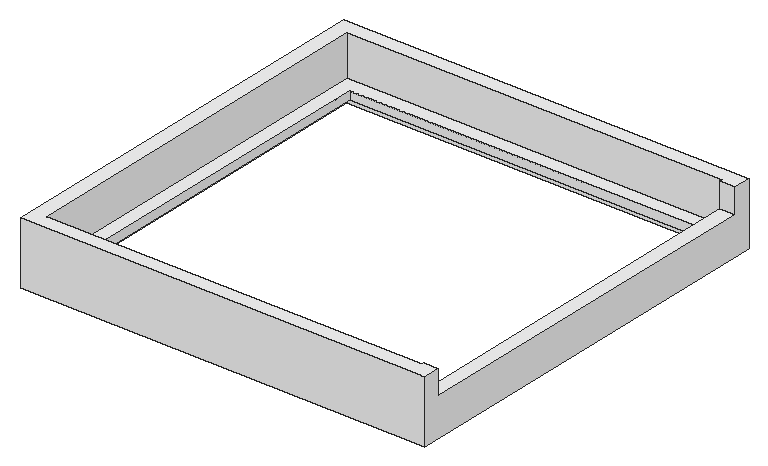
Revit family "Gira_0282005", category Electrical Fixtures, host Face, Revit 2017
Family settings
  Host = Face
  Maintain Annotation Orientation = No
  Round Connector Dimension = Use Diameter
  Part Type = Normal
  Cut with Voids When Loaded = No
  Shared = No
  Room Calculation Point = No
Parameters (values of type "Adapter fr. square 50 x 50 mm System 55 black m")
  URL = "http://katalog.gira.de/en/datenblatt.html?artikelnr=0282005"
  Name = "Adapter fr. square 50 x 50 mm System 55 black m"
  Manufacturer URL = "https://www.gira.de/"
  Manufacturer = "Gira"
  Keynote = ""
  HeinzeBIM = "https://bimportal.heinze.de/bim/adapter-fr-square-50-x-50-mm-system-55-black-m/b24b104dc7a31ba67ba4f42db01a92c3c4d07d8c"
  HAN = "0282005"
  GTIN = "4010337036951"
  Description = "Adap.fr.square 50x50mm Sys55 BKm,Adapter frame with square cut-out for devices with cover (50 x 50 mm),,black matt,Features:,- Devices with a square central plate (50 x 50 mm) from other manufacturers, e. g. Alcatel, AMP Econo Link System, Brand-Rex, BTR, Cellpack ITT Cannon Cat. 5, Deutsche Telekom, Drahtex, Hirose, Kannegieter BICC Brand Rex, Kerpen ELine 600, Krone, Molex, Nedap, Panduit, Quante, Reichle de Massari, Rutenbeck, Schumann Netzwerktechnik, HomeWay, Siemens ICCS 100, 300 and 600, Telegärtner, Telenorma, TKM (4 x RJ45 shielded, Cat. 5) can be integrated into the design line with the adapter frame and cover frame (1-gang to 5-gang)."
  Default Elevation = 1219.2 mm
  Data sheet (1) = "https://katalog.gira.de/en/download.html?artikelnr=0282005"
  Category = "Transition adapter for domestic switching devices"
  BIM (1) = "https://media.stage.bim.site/public/gira/36a6b08/Sys55_Adapterrahmen_50x50.rfa"
  Available = "No"
Reference planes
  plane 1 "Center (Front/Back)": y = 0
  plane 2: z = 0
  plane 3 "Center (Left/Right)": x = 0
  plane 4: y = 27.7
  plane 5: y = -27.7
  plane 6: x = 27.7
  plane 7: x = -27.7
  plane 8: y = -25.4
  plane 9: y = 25.4
Forms (mm)
  Extrusion 1, solid, material "White", detail levels fine
    sketch origin (0, 0, 0) x (1, 0, 0) y (0, 1, 0)
      loop
        line (-27.7, 27.7) -> (-27.7, -27.7) -> (27.7, -27.7) -> (27.7, 27.7) -> (-27.7, 27.7)
      loop
        line (-25.7, 25.7) -> (-25.7, -25.7) -> (25.7, -25.7) -> (25.7, 25.7) -> (-25.7, 25.7)
    from 0 to 8.6
  Extrusion 2, solid, material "White", detail levels fine
    sketch origin (0, 0, 0) x (1, 0, 0) y (0, 1, 0)
      loop
        line (-25.7, 25.7) -> (-25.7, -25.7) -> (25.7, -25.7) -> (25.7, 25.7) -> (-25.7, 25.7)
      loop
        line (-23.7, 23.7) -> (-23.7, -23.7) -> (23.7, -23.7) -> (23.7, 23.7) -> (-23.7, 23.7)
    from 1.9 to 3.1
  Extrusion 3, void, detail levels fine
    sketch origin (0, 0, 0) x (1, 0, 0) y (0, 1, 0)
      loop
        line (27.7, 25.4) -> (25.7, 25.4) -> (25.7, -25.4) -> (27.7, -25.4) -> (27.7, 25.4)
    from 5.2 to 10
  Extrusion 4, solid, material "White", detail levels coarse+medium
    sketch origin (0, 0, 0) x (1, 0, 0) y (0, 1, 0)
      loop
        line (-27.7, 27.7) -> (-27.7, -27.7) -> (27.7, -27.7) -> (27.7, 27.7) -> (-27.7, 27.7)
    from 0 to 8.6
Cuts and joins
  Extrusion 3 cuts Extrusion 1
  Extrusion 3 cuts Extrusion 2
Dimensions and locks
  aligned and locked: plane 2 to host face
  aligned and locked: level to host face
